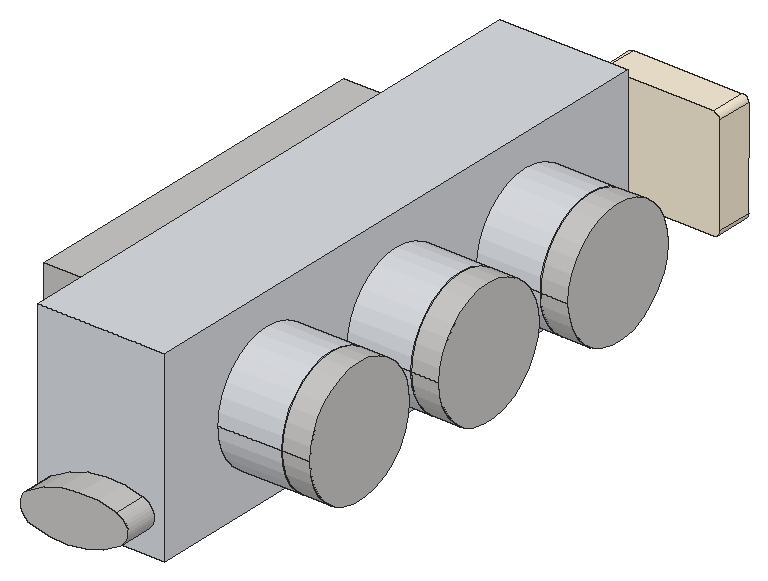
Revit family "HVAC_Ductwork_Airzone_Motorized-Plenum_Fujitsu_Standard_3-Dampers", category Mechanical Equipment, Revit 2016
Family settings
  Part Type = Normal
  Round Connector Dimension = Use Diameter
  OmniClass Number = 23.75.70.14
  OmniClass Title = Air Ductwork
  Work Plane-Based = No
  Always vertical = Yes
  Cut with Voids When Loaded = No
  Shared = No
  Room Calculation Point = No
Parameters (values of type "FUJST01S3")
  Voltage = 230 V
  URL = "www.airzone.es"
  Type Image Comments = "Image available in product documentation download"  # constant formula
  Revit Model Version = "1.0"  # constant formula
  Revit Model Author URL = "www.a3d.es"
  Revit Model Author = "A3D Consulting"  # constant formula
  Product Documentation Download URL = "http://doc.airzone.es/BIM/Easyzone/Fujitsu-Airzone_motorized_plenum.zip"
  Product Comments = "Refer to technical documentation for further details"  # constant formula
  Power Factor = 1
  Neck Width = 603.600 mm
  Neck Length = 95.000 mm
  Neck Height = 153.600 mm
  Material = Metal - AIRZONE - Galvanized Sheet - Semi-polished
  Main Control Board Material = Plastic - AIRZONE - Smooth - Off-white
  Load Classification = Other
  Insulated Body Width = 205.000 mm  # constant formula
  Insulated Body Material = Metal -AIRZONE - Insulating Lining -Aluminum Finish
  Insulated Body Length = 930.000 mm  # constant formula
  Insulated Body Height = 300.000 mm  # constant formula
  Flow [instance] = Damper 3 Air Flow + Damper 2 Air Flow + Damper 1 Air Flow - Fresh Air Inlet 2 Flow - Fresh Air Inlet 1 Flow  # 900 m³/h
  Fresh Air Inlet 1 Flow [instance] = 0 m³/h
  Fresh Air Inlet 2 Flow [instance] = 0 m³/h
  Fresh Air Inlet Connection Width = 175.000 mm
  Fresh Air Inlet Connection Height = 75.000 mm
  Model = "FUJST01S3"
  Neck Side Offset = 194.200 mm
  Neck Bottom Offset = 113.200 mm
  Type Image = <None>
  Manufacturer = "AIRZONE"  # constant formula
  Main Control Board Depth = 57.000 mm  # constant formula
  Main Control Board Width = 195.000 mm  # constant formula
  Main Control Board Height = 180.000 mm  # constant formula
  Fixing = ""
  Disclaimer = "All information provided in this model is reviewed before being published. However, Airzone cannot guarantee this model is error-free, therefore users are strongly encouraged to check for technical documentation and updates"  # constant formula
  Description = "Airzone standard motorized plenum with neck that mechanically adapts to the main ducted AC units of Fujitsu."
  Type Comments = ""
  Dampers Length = 149.000 mm  # constant formula
  Dampers Diameter = 200.000 mm  # constant formula
  Damper 1 Air Flow [instance] = 300 m³/h
  Damper 2 Air Flow [instance] = 300 m³/h
  Damper 3 Air Flow [instance] = 300 m³/h
  Fresh Air Inlet Connection Offset Height = 48.305 mm  # constant formula
  Compatible Accesories = ""
  Apparent Load = 57.5 VA
Types (3, lengths in mm): name | Neck Width | Neck Height | Model | Neck Side Offset | Neck Bottom Offset
  FUJST03S3 | 465.600 | 220.600 | "FUJST03S3" | 297.200 | 46.200
  FUJST02S3 | 653.600 | 154.600 | "FUJST02S3" | 138.200 | 112.200
  FUJST01S3 | 603.600 | 153.600 | "FUJST01S3" | 194.200 | 113.200
Reference planes
  plane 1 "Center (Front/Back)": y = 0
  plane 2 "Center (Elevation)": z = 0
  plane 3 "Center (Left/Right)": x = 0
  plane 4 "Neck Back": y = 301.8
  plane 5 "Neck Front": y = -301.8
  plane 6 "Neck Top": z = 76.8
  plane 7 "Neck Bottom": z = -76.8
  plane 8 "Left": x = 95
  plane 9 "Bottom": z = -190
  plane 10 "Top": z = 110
  plane 11 "Front": y = -434
  plane 12 "Back": y = 496
  plane 13 "Right": x = 300
  plane 14 "Dampers Front": x = 449
  plane 15 "Dampers Center (Elevation)": z = -40
  plane 16 "Damper3": y = -229
  plane 17 "Damper2": y = 31
  plane 18 "Damper1": y = 291
  plane 19 "Middle": y = 31
  plane 20 "FreshAir Center (Elevation)": z = -141.695
  plane 21 "FreshAir1": y = 548.5
  plane 22 "FreshAir2": y = -486.5
  plane 23 "Dampers Lining": x = 404
  plane 24 "FreshAir Vertical Axis": x = 195.83
  plane 25 "ConnectionBox Side": x = 254
  plane 26 "Main Control Board Center (Left/Right)": x = 351.5
Forms (mm)
  Extrusion 1, solid, material "Metal - AIRZONE - Galvanized Sheet - Semi-polished" <- "Material"
    sketch origin (0, 0, 0) x (0, 1, 0) y (0, 0, 1)
      loop
        line (-301.8, 76.8) -> (-301.8, -76.8) -> (301.8, -76.8) -> (301.8, 76.8) -> (-301.8, 76.8)
    from 0 to 95
  Extrusion 2, solid, material "Metal -AIRZONE - Insulating Lining -Aluminum Finish" <- "Insulated Body Material"
    sketch origin (95, 0, 0) x (0, 1, 0) y (0, 0, 1)
      loop
        line (-434, 110) -> (-434, -190) -> (496, -190) -> (496, 110) -> (-434, 110)
    from 0 to 205
  Extrusion 3, solid, material "Metal - AIRZONE - Galvanized Sheet - Semi-polished" <- "Material"
    sketch origin (300, 0, 0) x (0, 1, 0) y (0, 0, 1)
      loop
        circle (-229, -40) r 100
    from 104 to 149
  Extrusion 4, solid, material "Metal - AIRZONE - Galvanized Sheet - Semi-polished" <- "Material"
    sketch origin (300, 0, 0) x (0, 1, 0) y (0, 0, 1)
      loop
        circle (31, -40) r 100
    from 104 to 149
  Extrusion 5, solid, material "Metal - AIRZONE - Galvanized Sheet - Semi-polished" <- "Material"
    sketch origin (300, 0, 0) x (0, 1, 0) y (0, 0, 1)
      loop
        circle (291, -40) r 100
    from 104 to 149
  Extrusion 6, solid, material "Metal - AIRZONE - Galvanized Sheet - Semi-polished" <- "Material"
    sketch origin (0, -434, 0) x (0, 0, 1) y (1, 0, 0)
      loop
        arc (-109.141, 265.204) -> (-130.608, 282.105) -> (-155.312, 270.434) r 25.96
        arc (-155.312, 270.434) -> (-181.302, 200.598) -> (-173.849, 126.456) r 164.67
        arc (-173.849, 126.456) -> (-152.665, 109.589) -> (-127.994, 120.751) r 25.96
        arc (-127.994, 120.751) -> (-101.725, 190.78) -> (-109.141, 265.204) r 164.67
    from 0 to -52.5
  Extrusion 7, solid, material "Metal - AIRZONE - Galvanized Sheet - Semi-polished" <- "Material"
    sketch origin (0, 496, 0) x (0, 0, 1) y (1, 0, 0)
      loop
        arc (-109.141, 265.204) -> (-130.325, 282.071) -> (-154.996, 270.909) r 25.96
        arc (-154.996, 270.909) -> (-181.179, 201.53) -> (-174.267, 127.699) r 164.67
        arc (-174.267, 127.699) -> (-153.032, 109.637) -> (-127.678, 121.226) r 25.96
        arc (-127.678, 121.226) -> (-101.688, 191.062) -> (-109.141, 265.204) r 164.67
    from 0 to 52.5
  Extrusion 8, solid, material "Metal -AIRZONE - Insulating Lining -Aluminum Finish" <- "Insulated Body Material"
    sketch origin (300, 0, 0) x (0, 1, 0) y (0, 0, 1)
      loop
        circle (291, -40) r 100
    from 0 to 104
  Extrusion 9, solid, material "Metal -AIRZONE - Insulating Lining -Aluminum Finish" <- "Insulated Body Material"
    sketch origin (300, -260, 0) x (0, 1, 0) y (0, 0, 1)
      loop
        circle (291, -40) r 100
    from 0 to 104
  Extrusion 10, solid, material "Metal -AIRZONE - Insulating Lining -Aluminum Finish" <- "Insulated Body Material"
    sketch origin (300, -520, 0) x (0, 1, 0) y (0, 0, 1)
      loop
        circle (291, -40) r 100
    from 0 to 104
Lines and regions (mm)
  Masking region 1
    outline origin (0, 0, 0) x (1, 0, 0) y (0, 1, 0)
      loop
        line (95, 496) -> (95, -434) -> (300, -434) -> (300, 496) -> (95, 496)
  Masking region 2, detail levels medium+fine
    outline origin (0, 0, 0) x (1, 0, 0) y (0, 1, 0)
      loop
        line (0, 301.8) -> (0, -301.8) -> (95, -301.8) -> (95, 301.8) -> (0, 301.8)
  Masking region 3, detail levels medium+fine
    outline origin (0, 0, 0) x (1, 0, 0) y (0, 1, 0)
      loop
        line (300, -129) -> (300, -329) -> (449, -329) -> (449, -129) -> (300, -129)
  Masking region 4, detail levels medium+fine
    outline origin (0, 260, 0) x (1, 0, 0) y (0, 1, 0)
      loop
        line (300, -129) -> (300, -329) -> (449, -329) -> (449, -129) -> (300, -129)
  Masking region 5, detail levels medium+fine
    outline origin (0, 520, 0) x (1, 0, 0) y (0, 1, 0)
      loop
        line (300, -129) -> (300, -329) -> (449, -329) -> (449, -129) -> (300, -129)
  Masking region 6, detail levels medium+fine
    outline origin (0, 0, -141.695) x (1, 0, 0) y (0, 1, 0)
      loop
        line (108.33, 548.5) -> (108.33, 496) -> (283.33, 496) -> (283.33, 548.5) -> (108.33, 548.5)
  Masking region 7, detail levels medium+fine
    outline origin (0, 0, -141.695) x (1, 0, 0) y (0, 1, 0)
      loop
        line (108.33, -434) -> (108.33, -486.5) -> (283.33, -486.5) -> (283.33, -434) -> (108.33, -434)
  Masking region 8, detail levels medium+fine
    outline origin (0, 0, 110) x (0, -1, 0) y (1, 0, 0)
      loop
        line (-553, 254) -> (-496, 254) -> (-496, 449) -> (-553, 449) -> (-553, 254)
  symbolic lines, detail levels coarse
    curve 1: line (95, -434, 0) -> (300, 31, 0)
    curve 2: line (300, 31, 0) -> (95, 496, 0)
Dimensions and locks
  equal spacing: plane 4 "Neck Back", plane 1 "Center (Front/Back)", plane 5 "Neck Front"
  "Neck Width": plane 4 "Neck Back" to plane 5 "Neck Front"
  equal spacing: plane 6 "Neck Top", level, plane 7 "Neck Bottom"
  "Neck Height": plane 6 "Neck Top" to plane 7 "Neck Bottom"
  "Neck Length": plane 3 "Center (Left/Right)" to plane 8 "Left"
  "Neck Bottom Offset": plane 7 "Neck Bottom" to plane 9 "Bottom"
  "Insulated Body Height": plane 10 "Top" to plane 9 "Bottom"
  "Insulated Body Length": plane 12 "Back" to plane 11 "Front"
  "Insulated Body Width": plane 8 "Left" to plane 13 "Right"
  "Dampers Length": plane 13 "Right" to plane 14 "Dampers Front"
  equal spacing: plane 10 "Top", plane 15 "Dampers Center (Elevation)", plane 9 "Bottom"
  plane 18 "Damper1" to plane 17 "Damper2" to plane 16 "Damper3" = 260.000 mm locked, 260.000 mm locked
  equal spacing: plane 12 "Back", plane 19 "Middle", plane 11 "Front"
  plane 8 "Left" to plane 13 "Right" = 205.000 mm
  "Fresh Air Inlet Connection Offset Height": plane 20 "FreshAir Center (Elevation)" to plane 9 "Bottom"
  locked: Extrusion 6 sketch curve to plane 9 "Bottom" at 56.47
  locked: plane 13 "Right" to Extrusion 6 sketch curve at 43.69
  locked: plane 13 "Right" to Extrusion 6 sketch curve at 164.65
  locked: Extrusion 6 sketch curve to plane 9 "Bottom" at 40.54
  locked: plane 13 "Right" to Extrusion 6 sketch curve at 87.91
  locked: plane 9 "Bottom" to Extrusion 6 sketch curve at 75.01
  locked: plane 13 "Right" to Extrusion 6 sketch curve at 120.43
  locked: Extrusion 6 sketch curve to plane 9 "Bottom" at 172.02
  locked: plane 13 "Right" to Extrusion 7 sketch curve at 43.69
  locked: Extrusion 7 sketch curve to plane 9 "Bottom" at 56.47
  locked: Extrusion 7 sketch curve to plane 9 "Bottom" at 40.54
  locked: plane 13 "Right" to Extrusion 7 sketch curve at 164.65
  locked: plane 13 "Right" to Extrusion 7 sketch curve at 120.43
  locked: Extrusion 7 sketch curve to plane 9 "Bottom" at 172.02
  locked: plane 9 "Bottom" to Extrusion 7 sketch curve at 75.01
  locked: plane 13 "Right" to Extrusion 7 sketch curve at 87.91
  "Neck Side Offset": plane 12 "Back" to plane 4 "Neck Back"
  equal spacing: plane 12 "Back", plane 17 "Damper2", plane 11 "Front"
  locked: plane 21 "FreshAir1" to plane 12 "Back" at 52.5
  plane 11 "Front" to plane 22 "FreshAir2" = 52.500 mm
  locked: connector elem to plane 13 "Right" at 104.17
  locked: plane 20 "FreshAir Center (Elevation)" to connector elem
  locked: plane 13 "Right" to connector elem at 104.17
  locked: connector elem to plane 20 "FreshAir Center (Elevation)"
  locked: plane 23 "Dampers Lining" to plane 14 "Dampers Front" at 45
  locked: plane 24 "FreshAir Vertical Axis" to plane 13 "Right" at 104.17
  equal spacing: Masking region 3 sketch curve, plane 16 "Damper3", Masking region 3 sketch curve
  "Dampers Diameter": Masking region 3 sketch curve to Masking region 3 sketch curve
  equal spacing: Masking region 4 sketch curve, plane 17 "Damper2", Masking region 4 sketch curve
  "Dampers Diameter": Masking region 4 sketch curve to Masking region 4 sketch curve
  equal spacing: Masking region 5 sketch curve, plane 18 "Damper1", Masking region 5 sketch curve
  "Dampers Diameter": Masking region 5 sketch curve to Masking region 5 sketch curve
  equal spacing: Masking region 6 sketch curve, plane 24 "FreshAir Vertical Axis", Masking region 6 sketch curve
  "Fresh Air Inlet Connection Width": Masking region 6 sketch curve to Masking region 6 sketch curve
  equal spacing: Masking region 7 sketch curve, plane 24 "FreshAir Vertical Axis", Masking region 7 sketch curve
  "Fresh Air Inlet Connection Width": Masking region 7 sketch curve to Masking region 7 sketch curve
  "Main Control Board Depth": Masking region 8 sketch curve to plane 12 "Back"
  "Main Control Board Width": plane 25 "ConnectionBox Side" to plane 14 "Dampers Front"
  equal spacing: plane 25 "ConnectionBox Side", plane 26 "Main Control Board Center (Left/Right)", plane 14 "Dampers Front"
  locked: nested 1 to plane 10 "Top" at 10
  "Dampers Diameter": diameter of Extrusion 3 sketch curve
  "Dampers Diameter": diameter of Extrusion 4 sketch curve
  "Dampers Diameter": diameter of Extrusion 5 sketch curve
  radius of Extrusion 7 sketch curve = 164.670 mm  (x2)
  radius of Extrusion 7 sketch curve = 25.960 mm  (x2)
  radius of Extrusion 6 sketch curve = 164.670 mm  (x2)
  radius of Extrusion 6 sketch curve = 25.960 mm  (x2)
  "Dampers Diameter": diameter of Extrusion 8 sketch curve
  "Dampers Diameter": diameter of Extrusion 9 sketch curve
  "Dampers Diameter": diameter of Extrusion 10 sketch curve
  aligned and locked: level to plane 2 "Center (Elevation)"
  aligned and locked: plane 5 "Neck Front" to Extrusion 1 sketch curve
  aligned and locked: Extrusion 1 sketch curve to plane 6 "Neck Top"
  aligned and locked: Extrusion 1 sketch curve to plane 4 "Neck Back"
  aligned and locked: plane 7 "Neck Bottom" to Extrusion 1 sketch curve
  aligned and locked: Extrusion 1 to plane 3 "Center (Left/Right)"
  aligned and locked: Extrusion 2 sketch curve to plane 10 "Top"
  aligned and locked: Extrusion 2 sketch curve to plane 12 "Back"
  aligned and locked: plane 9 "Bottom" to Extrusion 2 sketch curve
  aligned and locked: plane 11 "Front" to Extrusion 2 sketch curve
  aligned and locked: plane 13 "Right" to Extrusion 2
  aligned and locked: Extrusion 2 to plane 8 "Left"
  aligned and locked: plane 16 "Damper3" to Extrusion 3 sketch curve
  aligned and locked: plane 15 "Dampers Center (Elevation)" to Extrusion 3 sketch curve
  aligned and locked: plane 17 "Damper2" to Extrusion 4 sketch curve
  aligned and locked: plane 15 "Dampers Center (Elevation)" to Extrusion 4 sketch curve
  aligned and locked: plane 18 "Damper1" to Extrusion 5 sketch curve
  aligned and locked: plane 15 "Dampers Center (Elevation)" to Extrusion 5 sketch curve
  aligned and locked: plane 14 "Dampers Front" to Extrusion 5
  aligned and locked: plane 14 "Dampers Front" to Extrusion 4
  aligned and locked: plane 14 "Dampers Front" to Extrusion 3
  aligned and locked: plane 8 "Left" to Extrusion 1
  aligned and locked: plane 22 "FreshAir2" to Extrusion 6
  aligned and locked: plane 21 "FreshAir1" to Extrusion 7
  aligned and locked: Extrusion 7 to plane 12 "Back"
  aligned and locked: plane 11 "Front" to Extrusion 6
  aligned and locked: Extrusion 5 to plane 23 "Dampers Lining"
  aligned and locked: Extrusion 5 to Extrusion 4
  aligned and locked: Extrusion 4 to Extrusion 3
  aligned and locked: plane 23 "Dampers Lining" to Extrusion 8
  aligned and locked: Extrusion 10 to plane 13 "Right"
  aligned and locked: plane 23 "Dampers Lining" to Extrusion 10
  aligned and locked: Extrusion 9 to plane 13 "Right"
  aligned and locked: plane 23 "Dampers Lining" to Extrusion 9
  aligned and locked: Extrusion 8 to plane 13 "Right"
  aligned and locked: Extrusion 9 to Extrusion 8
  aligned and locked: plane 18 "Damper1" to Extrusion 8 sketch curve
  aligned and locked: plane 15 "Dampers Center (Elevation)" to Extrusion 8 sketch curve
  aligned and locked: plane 17 "Damper2" to Extrusion 9 sketch curve
  aligned and locked: plane 15 "Dampers Center (Elevation)" to Extrusion 9 sketch curve
  aligned and locked: plane 16 "Damper3" to Extrusion 10 sketch curve
  aligned and locked: plane 15 "Dampers Center (Elevation)" to Extrusion 10 sketch curve
  aligned and locked: Masking region 1 sketch curve to plane 12 "Back"
  aligned and locked: plane 8 "Left" to Masking region 1 sketch curve
  aligned and locked: Masking region 1 sketch curve to plane 13 "Right"
  aligned and locked: plane 11 "Front" to Masking region 1 sketch curve
  aligned and locked: plane 5 "Neck Front" to Masking region 2 sketch curve
  aligned and locked: plane 3 "Center (Left/Right)" to Masking region 2 sketch curve
  aligned and locked: Masking region 2 sketch curve to plane 4 "Neck Back"
  aligned and locked: Masking region 2 sketch curve to plane 8 "Left"
  aligned and locked: plane 13 "Right" to Masking region 3 sketch curve
  aligned and locked: Masking region 3 sketch curve to plane 14 "Dampers Front"
  aligned and locked: plane 13 "Right" to Masking region 4 sketch curve
  aligned and locked: Masking region 4 sketch curve to plane 14 "Dampers Front"
  aligned and locked: plane 13 "Right" to Masking region 5 sketch curve
  aligned and locked: Masking region 5 sketch curve to plane 14 "Dampers Front"
  aligned and locked: plane 12 "Back" to Masking region 6 sketch curve
  aligned and locked: Masking region 6 sketch curve to plane 21 "FreshAir1"
  aligned and locked: Masking region 7 sketch curve to plane 11 "Front"
  aligned and locked: Masking region 7 sketch curve to plane 22 "FreshAir2"
  aligned and locked: plane 12 "Back" to Masking region 8 sketch curve
  aligned and locked: Masking region 8 sketch curve to plane 14 "Dampers Front"
  aligned and locked: plane 25 "ConnectionBox Side" to Masking region 8 sketch curve
  aligned and locked: nested 1 to plane 26 "Main Control Board Center (Left/Right)"
Automatic sketch dimensions
  curve 2 to plane 8 "Left" = 0.000 mm
  curve 1 to plane 8 "Left" = 0.000 mm
  curve 1 to plane 13 "Right" = 0.000 mm
  curve 1 to plane 11 "Front" = 0.000 mm
  curve 2 to plane 17 "Damper2" = 0.000 mm
  curve 2 to plane 12 "Back" = 0.000 mm
Nested families
  nested 1: "Airzone_Main-Control-Board" at (351.5, 496, 10) x (-1, 0, 0) z (0, 1, 0), Extrusion <- "Main Control Board Depth", Height <- "Main Control Board Height", Width <- "Main Control Board Width", Material <- "Main Control Board Material", type "Standard"
    with Width 195.000 mm, Material Plastic - AIRZONE - Smooth - Off-white, Height 180.000 mm, Extrusion 57.000 mm
Connectors
  hvac at (449, -229, -40), driven by "Damper 3 Air Flow", driven by "Dampers Diameter"
    settings: on Extrusion 3, index 1, duct flow 300 m³/h, flow factor 0, pres drop 0.0 Pa, loss coef 0, conn angle 0.00°, conn width 304.8 mm, conn height 304.8 mm, conn diameter 200 mm, duct sys type 1, conn prof type 0, flow config 0, flow direction 2, loss method 0, conn ref index -1, conn util no, is conn primary no, conn desc "Supply Air Out 3"
  hvac at (449, 31, -40), driven by "Damper 2 Air Flow", driven by "Dampers Diameter"
    settings: on Extrusion 4, index 2, duct flow 300 m³/h, flow factor 0, pres drop 0.0 Pa, loss coef 0, conn angle 0.00°, conn width 304.8 mm, conn height 304.8 mm, conn diameter 200 mm, duct sys type 1, conn prof type 0, flow config 0, flow direction 2, loss method 0, conn ref index -1, conn util no, is conn primary no, conn desc "Supply Air Out 2"
  hvac at (449, 291, -40), driven by "Damper 1 Air Flow", driven by "Dampers Diameter"
    settings: on Extrusion 5, index 3, duct flow 300 m³/h, flow factor 0, pres drop 0.0 Pa, loss coef 0, conn angle 0.00°, conn width 304.8 mm, conn height 304.8 mm, conn diameter 200 mm, duct sys type 1, conn prof type 0, flow config 0, flow direction 2, loss method 0, conn ref index -1, conn util no, is conn primary no, conn desc "Supply Air Out 1"
  hvac at (0, 0, 0), driven by "Flow", driven by "Neck Height", driven by "Neck Width"
    settings: on Extrusion 1, index 6, duct flow 900 m³/h, flow factor 0, pres drop 0.0 Pa, loss coef 0, conn angle 0.00°, conn width 603.6 mm, conn height 153.6 mm, conn diameter 609.6 mm, duct sys type 1, conn prof type 1, flow config 1, flow direction 1, loss method 0, conn ref index -1, conn util no, is conn primary yes, conn desc "Supply Air In"
  hvac at (195.83, -486.5, -141.695), driven by "Fresh Air Inlet 2 Flow", driven by "Fresh Air Inlet Connection Width", driven by "Fresh Air Inlet Connection Height"
    settings: index 7, duct flow 0 m³/h, flow factor 0, pres drop 0.0 Pa, loss coef 0, conn angle 0.00°, conn width 175 mm, conn height 75 mm, conn diameter 609.6 mm, duct sys type 1, conn prof type 2, flow config 1, flow direction 1, loss method 0, conn ref index -1, conn util no, is conn primary no, conn desc "Fresh Air In 2"
  hvac at (195.83, 548.5, -141.695), driven by "Fresh Air Inlet 1 Flow", driven by "Fresh Air Inlet Connection Height", driven by "Fresh Air Inlet Connection Width"
    settings: index 8, duct flow 0 m³/h, flow factor 0, pres drop 0.0 Pa, loss coef 0, conn angle 0.00°, conn width 175 mm, conn height 75 mm, conn diameter 609.6 mm, duct sys type 1, conn prof type 2, flow config 1, flow direction 1, loss method 0, conn ref index -1, conn util no, is conn primary no, conn desc "Fresh Air In 1"
  electrical at (351.5, 553, 10), driven by "Load Classification", driven by "Voltage", driven by "Apparent Load", driven by "Power Factor"
    settings: on nested 1, index 9, voltage 230 V, apparent load 57.5 VA, apparent load phase1 0 VA, apparent load phase2 0 VA, apparent load phase3 0 VA, power factor 1, load classification "Other", number of poles 1, system type 30, power factor state 1, is connector primary yes, connector utility no, sub classification motor no, connector description "Power Supply"
Definition of nested family "Airzone_Main-Control-Board"
  Parameters (values of type "Standard")
    Width [instance] = 195.000 mm
    URL = "www.airzone.es"
    Revit Model Version = "1.0"  # constant formula
    Revit Model Author URL = "www.a3d.es"
    Revit Model Author = "A3D Consulting"  # constant formula
    Material [instance] = none
    Manufacturer = "AIRZONE"  # constant formula
    Height [instance] = 180.000 mm
    Extrusion [instance] = 57.000 mm
    Default Elevation = 0.000 mm
  Reference planes
    plane 1 "Center (Front/Back)": y = 0
    plane 2: z = 0
    plane 3 "Center (Left/Right)": x = 0
    plane 4: y = 90
    plane 5: y = -90
    plane 6: x = 97.5
    plane 7: x = -97.5
  Forms (mm)
    Extrusion 1, solid, material <- "Material"
      sketch origin (0, 0, 0) x (1, 0, 0) y (0, 1, 0)
        loop
          arc (-87.5, 90) -> (-94.571, 87.071) -> (-97.5, 80) r 10
          line (-97.5, 80) -> (-97.5, -80)
          arc (-97.5, -80) -> (-94.571, -87.071) -> (-87.5, -90) r 10
          line (-87.5, -90) -> (87.5, -90)
          arc (87.5, -90) -> (94.571, -87.071) -> (97.5, -80) r 10
          line (97.5, -80) -> (97.5, 80)
          arc (97.5, 80) -> (94.571, 87.071) -> (87.5, 90) r 10
          line (87.5, 90) -> (-87.5, 90)
      from 0 to 57 <- "Extrusion"
  Dimensions and locks
    equal spacing: plane 7, plane 3 "Center (Left/Right)", plane 6
    equal spacing: plane 4, plane 1 "Center (Front/Back)", plane 5
    "Width": plane 7 to plane 6
    "Height": plane 4 to plane 5
    radius of Extrusion 1 sketch curve = 10.000 mm  (x4)
    aligned and locked: level to plane 2
    aligned and locked: plane 5 to Extrusion 1 sketch curve
    aligned and locked: Extrusion 1 sketch curve to plane 6
    aligned and locked: Extrusion 1 sketch curve to plane 4
    aligned and locked: plane 7 to Extrusion 1 sketch curve
